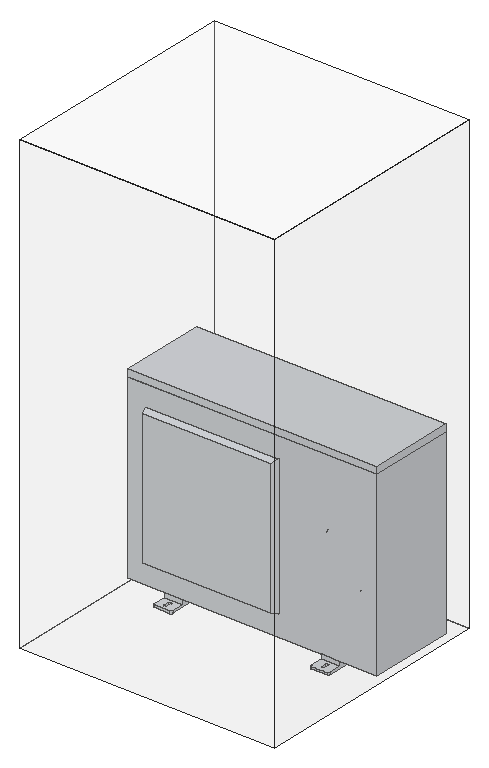
Revit family "puzg-mp3_10m_2_60hz", category 機械設備, Revit 2019 (continued)
Definition of nested family "PUZG-MP3MHA2"
  Automatic sketch dimensions
    curve 79 to curve 82 = 15 mm
    curve 82 to curve 91 = 0 mm
    curve 61 to curve 82 = 0 mm
    curve 58 to curve 61 = 190 mm
    curve 60 to curve 85 = 0 mm
    curve 84 to curve 91 = 0 mm
    curve 151 to curve 143 = 0 mm
    curve 148 to curve 150 = 0 mm
    curve 147 to curve 148 = 40 mm
    curve 145 to curve 146 = 0 mm
    curve 150 to curve 148 = 0 mm
    curve 152 to curve 176 = 13.333 mm
    curve 148 to curve 172 = 13.333 mm
    curve 142 to curve 158 = 13.333 mm
    curve 159 to curve 160 = 40 mm
    curve 175 to curve 176 = 40 mm
    curve 173 to curve 174 = 0 mm
    curve 174 to curve 182 = 13.333 mm
    curve 172 to curve 180 = 13.333 mm
    curve 160 to curve 163 = 13.333 mm
    curve 163 to curve 164 = 40 mm
    curve 182 to curve 182 = 40 mm
    curve 181 to curve 182 = 0 mm
    curve 164 to curve 155 = 13.333 mm
    curve 180 to curve 168 = 13.333 mm
    curve 166 to curve 166 = 40 mm
    curve 156 to curve 166 = 0 mm
    curve 142 to curve 155 = 0 mm
    curve 142 to curve 158 = 0 mm
    curve 165 to curve 154 = 0 mm
    curve 158 to curve 161 = 190 mm
    curve 160 to curve 164 = 0 mm
    curve 145 to curve 159 = 0 mm
    curve 164 to curve 155 = 0 mm
    curve 159 to curve 171 = 15 mm
    curve 170 to curve 178 = 0 mm
    curve 156 to curve 169 = 15 mm
    curve 149 to curve 170 = 0 mm
    curve 146 to curve 148 = 190 mm
    curve 148 to curve 167 = 0 mm
    curve 179 to curve 167 = 0 mm
    curve 148 to curve 171 = 0 mm
    curve 171 to curve 174 = 15 mm
    curve 174 to curve 183 = 0 mm
    curve 153 to curve 174 = 0 mm
    curve 150 to curve 153 = 190 mm
    curve 152 to curve 177 = 0 mm
    curve 176 to curve 183 = 0 mm
Definition of nested family "固定点"
  Parameters (values of type "固定点")
    中心円 = if(W > 599 mm, 12 mm, 10 mm)  # 12 mm
    W = 1000 mm
    D = 1000 mm
  Reference planes
    plane 1 "中心(正面/背面)": y = 0
    plane 2: z = 0
    plane 3 "中心(左/右)": x = 0
    plane 4: x = 1000
    plane 5: y = 1000
  Lines and regions (mm)
    symbolic lines, detail levels fine
      curve 1: circle (0, 1000, 0) r 6 normal (0, 0, 1)
      curve 2: circle (0, 0, 0) r 6 normal (0, 0, 1)
      curve 3: circle (1000, 1000, 0) r 6 normal (0, 0, 1)
      curve 4: circle (1000, 0, 0) r 6 normal (0, 0, 1)
      curve 5: line (-200, 1000, 0) -> (1200, 1000, 0)
      curve 6: line (-200, 0, 0) -> (1200, 0, 0)
      curve 7: line (0, 1200, 0) -> (0, -200, 0)
      curve 8: line (1000, 1200, 0) -> (1000, -200, 0)
  Dimensions and locks
    "W": plane 3 "中心(左/右)" to plane 4
    "D": plane 1 "中心(正面/背面)" to plane 5
    "中心円": diameter of curve 1
    "中心円": diameter of curve 2
    "中心円": diameter of curve 3
    "中心円": diameter of curve 4
    aligned and locked: level to plane 2
    aligned and locked: plane 5 to curve 1
    aligned and locked: plane 3 "中心(左/右)" to curve 1
    aligned and locked: plane 3 "中心(左/右)" to curve 2
    aligned and locked: plane 1 "中心(正面/背面)" to curve 2
    aligned and locked: plane 4 to curve 3
    aligned and locked: plane 5 to curve 3
    aligned and locked: plane 1 "中心(正面/背面)" to curve 4
    aligned and locked: plane 4 to curve 4
    aligned and locked: plane 1 "中心(正面/背面)" to curve 6
    aligned and locked: curve 7 to plane 3 "中心(左/右)"
    aligned and locked: curve 8 to plane 4
  Automatic sketch dimensions
    curve 5 to plane 5 = 0 mm
    curve 6 to plane 3 "中心(左/右)" = 200 mm
    curve 5 to plane 3 "中心(左/右)" = 200 mm
    curve 4 to curve 6 = 200 mm
    curve 3 to curve 5 = 200 mm
    plane 1 "中心(正面/背面)" to curve 8 = 200 mm
    plane 1 "中心(正面/背面)" to curve 7 = 200 mm
    curve 3 to curve 8 = 200 mm
    curve 1 to curve 7 = 200 mm
Types (11, lengths in mm): name | 音響パワーレベル（暖）(dB) | 音響パワーレベル（冷）(dB) | 電源位置Z | 電源位置X | 電動機出力_送風機 | 電動機出力_圧縮機 | 運転方法 | 質量 | 製品質量 | 構成品番 | 最小電線太さ_mm2 | 最大電流値 | 暖房能力 | 推奨ブレーカー容量 | 形名 | ドレン　位置Z | ドレン　位置Y | ドレン　位置X | 冷房能力 | 冷媒管（ガス）位置X | 冷媒管（液）位置X | 冷媒管（液）位置Y | 冷媒管（ガス）位置Y | 冷媒管径符号 | 冷媒管位置Z | 冷媒管位置Y | 冷媒管位置X | 冷媒液管径 | 冷媒ガス管径 | Width | URL | Height | Clearance Right | Clearance Left | Clearance Front | Clearance Back
  (no name) | 0 | 68 | 459 | 275 | 0.15 kW | 2 kW | "冷房専用" | 70.80 kg | 59.00 kg | "PUG-MP3MHA2" | 1.6 | 15 A | 0 kW | 20 A | PUZG-MP3MHA2 : PUZG-MP3MHA2 | 23 | 111 | 30 | 8 kW | 434 | 377 | 290 | 269 | "Bd" | 295 | 279.5 | 405.5 | 9.52 | 15.88 | 950 | "https://www.mitsubishielectric.co.jp/ldg/wink/ssl/displayProduct.do?pid=311534&ccd=2020103123" | 740 | 10 | 10 | 500 | 100
  室外機_PUZG-MP4MHA2 | 70 | 69 | 669 | 275 | 0.15 kW | 2.8 kW | "冷暖切替" | 86.40 kg | 72.00 kg | "PUZG-MP4MHA2" | 1.6 | 21 A | 11.2 kW | 30 A | PUZG-MP4MHA2 : PUZG-MP4MHA2 | 23 | 111 | 30 | 10 kW | 434 | 377 | 290 | 229 | "Bd" | 447 | 259.5 | 405.5 | 9.52 | 15.88 | 950 | "https://www.mitsubishielectric.co.jp/ldg/wink/ssl/displayProduct.do?pid=311529&ccd=2020103123" | 943 | 10 | 10 | 500 | 100
  室外機_PUZG-MP5MLA2 | 74 | 73 | 994 | 325 | 0.12 kW | 3.1 kW | "冷暖切替" | 104.40 kg | 87.00 kg | "PUZG-MP5MLA2" | 1.6 | 24 A | 14 kW | 30 A | PUZG-MP5MLA2 : PUZG-MP5MLA2 | 21 | 176 | 50 | 11.1 kW | 429 | 372 | 291 | 230 | "Bd" | 450 | 260.5 | 400.5 | 9.52 | 15.88 | 950 | "https://www.mitsubishielectric.co.jp/ldg/wink/ssl/displayProduct.do?pid=311530&ccd=2020103123" | 1350 | 15 | 15 | 500 | 150
  室外機_PUZG-P8MKA2 | 81 | 79 | 1063 | 325 | 0.3 kW | 4.6 kW | "冷暖切替" | 157.20 kg | 131.00 kg | "PUZG-P8MKA2" | 2 | 31.5 A | 22.4 kW | 40 A | PUZG-P8_10MKA2 : PUZG-P8KA2 | 24 | 176 | 45 | 20 kW | 483 | 423 | 290 | 274 | "Bg" | 450 | 282 | 453 | 9.52 | 25.40 | 1050 | "https://www.mitsubishielectric.co.jp/ldg/wink/ssl/displayProduct.do?pid=311531&ccd=2020103123" | 1338 | 15 | 15 | 1000 | 150
  室外機_PUZG-MP3MHA2 | 70 | 68 | 459 | 275 | 0.15 kW | 2 kW | "冷暖切替" | 70.80 kg | 59.00 kg | "PUZG-MP3MHA2" | 1.6 | 15 A | 9 kW | 20 A | PUZG-MP3MHA2 : PUZG-MP3MHA2 | 23 | 111 | 30 | 8 kW | 434 | 377 | 290 | 269 | "Bd" | 295 | 279.5 | 405.5 | 9.52 | 15.88 | 950 | "https://www.mitsubishielectric.co.jp/ldg/wink/ssl/displayProduct.do?pid=311528&ccd=2020103123" | 740 | 10 | 10 | 500 | 100
  室外機_PUZG-P10MKA2 | 81 | 79 | 1063 | 325 | 0.4 kW | 5.7 kW | "冷暖切替" | 168.00 kg | 140.00 kg | "PUZG-P10MKA2" | 2 | 40.5 A | 28 kW | 50 A | PUZG-P8_10MKA2 : PUZG-P10KA2 | 24 | 176 | 45 | 23.6 kW | 483 | 423 | 290 | 274 | "Cg" | 424 | 282 | 453 | 12.70 | 25.40 | 1050 | "https://www.mitsubishielectric.co.jp/ldg/wink/ssl/displayProduct.do?pid=311532&ccd=2020103123" | 1338 | 15 | 15 | 1000 | 150
  室外機_PUG-MP3MHA2 | 0 | 68 | 459 | 275 | 0.15 kW | 2 kW | "冷房専用" | 70.80 kg | 59.00 kg | "PUG-MP3MHA2" | 1.6 | 15 A | 0 kW | 20 A | PUZG-MP3MHA2 : PUZG-MP3MHA2 | 23 | 111 | 30 | 8 kW | 434 | 377 | 290 | 269 | "Bd" | 295 | 279.5 | 405.5 | 9.52 | 15.88 | 950 | "https://www.mitsubishielectric.co.jp/ldg/wink/ssl/displayProduct.do?pid=311534&ccd=2020103123" | 740 | 10 | 10 | 500 | 100
  室外機_PUG-MP4MHA2 | 0 | 69 | 669 | 275 | 0.15 kW | 2.8 kW | "冷房専用" | 86.40 kg | 72.00 kg | "PUG-MP4MHA2" | 1.6 | 21 A | 0 kW | 30 A | PUZG-MP4MHA2 : PUZG-MP4MHA2 | 23 | 111 | 30 | 10 kW | 434 | 377 | 290 | 229 | "Bd" | 447 | 259.5 | 405.5 | 9.52 | 15.88 | 950 | "https://www.mitsubishielectric.co.jp/ldg/wink/ssl/displayProduct.do?pid=311535&ccd=2020103123" | 943 | 10 | 10 | 500 | 100
  室外機_PUG-MP5MLA2 | 0 | 73 | 994 | 325 | 0.12 kW | 3.1 kW | "冷房専用" | 104.40 kg | 87.00 kg | "PUG-MP5MLA2" | 1.6 | 24 A | 0 kW | 30 A | PUZG-MP5MLA2 : PUZG-MP5MLA2 | 21 | 176 | 50 | 11.1 kW | 429 | 372 | 291 | 230 | "Bd" | 450 | 260.5 | 400.5 | 9.52 | 15.88 | 950 | "https://www.mitsubishielectric.co.jp/ldg/wink/ssl/displayProduct.do?pid=311536&ccd=2020103123" | 1350 | 15 | 15 | 500 | 150
  室外機_PUG-P8MKA2 | 0 | 79 | 1063 | 325 | 0.3 kW | 4.6 kW | "冷房専用" | 157.20 kg | 131.00 kg | "PUG-P8MKA2" | 2 | 31.5 A | 0 kW | 40 A | PUZG-P8_10MKA2 : PUZG-P8KA2 | 24 | 176 | 45 | 20 kW | 483 | 423 | 290 | 274 | "Bg" | 450 | 282 | 453 | 9.52 | 25.40 | 1050 | "https://www.mitsubishielectric.co.jp/ldg/wink/ssl/displayProduct.do?pid=311537&ccd=2020103123" | 1338 | 15 | 15 | 1000 | 150
  室外機_PUG-P10MKA2 | 0 | 79 | 1063 | 325 | 0.4 kW | 5.7 kW | "冷房専用" | 168.00 kg | 140.00 kg | "PUG-P10MKA2" | 2 | 40.5 A | 0 kW | 50 A | PUZG-P8_10MKA2 : PUZG-P10KA2 | 24 | 176 | 45 | 23.6 kW | 483 | 423 | 290 | 274 | "Cg" | 424 | 282 | 453 | 12.70 | 25.40 | 1050 | "https://www.mitsubishielectric.co.jp/ldg/wink/ssl/displayProduct.do?pid=311538&ccd=2020103123" | 1338 | 15 | 15 | 1000 | 150
